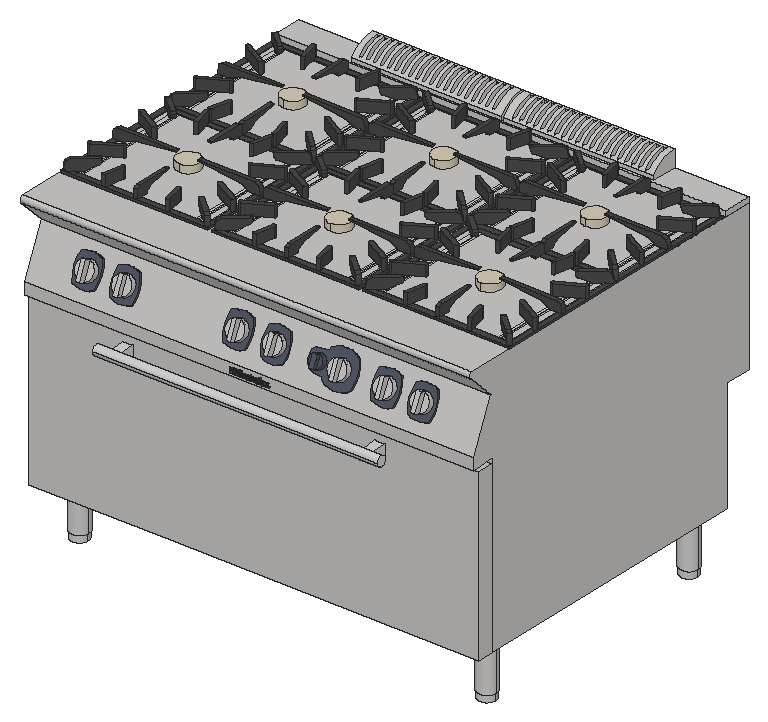
Revit family "QF_ELECTROLUXPROFESSIONAL_391463_E9AANABJMIE", category Attrezzature speciali, Revit 2018 (continued)
Automatic sketch dimensions
  Extrusion 7 sketch curve to Extrusion 7 sketch curve = 1.139 mm
  Extrusion 7 sketch curve to Extrusion 7 sketch curve = 3.102 mm
  Extrusion 7 sketch curve to Extrusion 7 sketch curve = 4.032 mm
  Extrusion 7 sketch curve to Extrusion 7 sketch curve = 0.404 mm
  Extrusion 7 sketch curve to Extrusion 7 sketch curve = 5.898 mm
  plane 11 to Extrusion 7 sketch curve = 8.549 mm
  Extrusion 7 sketch curve to plane 11 = 30 mm
  Extrusion 7 sketch curve to plane 10 = 298.908 mm
  Extrusion 7 sketch curve to Extrusion 7 sketch curve = 3.343 mm
  Extrusion 7 sketch curve to Extrusion 7 sketch curve = 2.066 mm
  Extrusion 7 sketch curve to Extrusion 7 sketch curve = 5.312 mm
  Extrusion 7 sketch curve to Extrusion 7 sketch curve = 28.009 mm
  plane 11 to Extrusion 8 sketch curve = 22.852 mm
  Extrusion 8 sketch curve to Extrusion 8 sketch curve = 0 mm  (x2)
  Extrusion 8 sketch curve to Extrusion 8 sketch curve = 1.139 mm
  Extrusion 8 sketch curve to Extrusion 8 sketch curve = 3.102 mm
  Extrusion 8 sketch curve to Extrusion 8 sketch curve = 4.032 mm
  Extrusion 8 sketch curve to Extrusion 8 sketch curve = 0.404 mm
  Extrusion 8 sketch curve to Extrusion 8 sketch curve = 5.898 mm
  plane 11 to Extrusion 8 sketch curve = 8.549 mm
  Extrusion 8 sketch curve to plane 11 = 30 mm
  Extrusion 8 sketch curve to plane 10 = 270.899 mm
  Extrusion 8 sketch curve to Extrusion 8 sketch curve = 2.705 mm
  Extrusion 8 sketch curve to Extrusion 8 sketch curve = 5.987 mm
  Extrusion 8 sketch curve to Extrusion 8 sketch curve = 5.312 mm
  Extrusion 8 sketch curve to Extrusion 8 sketch curve = 28.009 mm
  plane 11 to Extrusion 9 sketch curve = 19.749 mm
  Extrusion 9 sketch curve to plane 10 = 279.591 mm
  Extrusion 10 sketch curve to plane 18 = 228.904 mm
  Extrusion 10 sketch curve to Extrusion 10 sketch curve = 0 mm
  Extrusion 10 sketch curve to Extrusion 10 sketch curve = 12.3 mm  (x3)
  Extrusion 10 sketch curve to Extrusion 10 sketch curve = 34.925 mm  (x2)
  Extrusion 10 sketch curve to Extrusion 10 sketch curve = 46.691 mm
  Extrusion 10 sketch curve to Extrusion 10 sketch curve = 0.617 mm
  Extrusion 10 sketch curve to Extrusion 10 sketch curve = 28.57 mm
  Extrusion 10 sketch curve to Extrusion 10 sketch curve = 29.185 mm
  Extrusion 12 sketch curve to Extrusion 12 sketch curve = 24.732 mm
  Extrusion 12 sketch curve to Extrusion 12 sketch curve = 0 mm
  Extrusion 13 sketch curve to Extrusion 13 sketch curve = 0 mm  (x2)
  plane 7 "Center Y" to Extrusion 13 sketch curve = 190.859 mm
  Extrusion 13 sketch curve to Extrusion 13 sketch curve = 112.63 mm
  Extrusion 13 sketch curve to Extrusion 13 sketch curve = 1.398 mm
  Extrusion 13 sketch curve to Extrusion 13 sketch curve = 5.918 mm
  Extrusion 13 sketch curve to Extrusion 13 sketch curve = 7.825 mm
  Extrusion 13 sketch curve to Extrusion 13 sketch curve = 12.433 mm
  Extrusion 13 sketch curve to Extrusion 13 sketch curve = 33.329 mm
  Extrusion 13 sketch curve to Extrusion 13 sketch curve = 28.808 mm
  Extrusion 13 sketch curve to Extrusion 13 sketch curve = 2.986 mm
  Extrusion 13 sketch curve to Extrusion 13 sketch curve = 35.441 mm
  Extrusion 13 sketch curve to Extrusion 13 sketch curve = 23.969 mm
  Extrusion 13 sketch curve to Extrusion 13 sketch curve = 31.993 mm
  Extrusion 13 sketch curve to Extrusion 13 sketch curve = 0.131 mm
  Extrusion 13 sketch curve to Extrusion 13 sketch curve = 36.738 mm
  Extrusion 13 sketch curve to Extrusion 13 sketch curve = 6.105 mm
  Extrusion 13 sketch curve to Extrusion 13 sketch curve = 30.968 mm
  Extrusion 13 sketch curve to Extrusion 13 sketch curve = 0.002 mm
  Extrusion 13 sketch curve to Extrusion 13 sketch curve = 38.412 mm
  Extrusion 13 sketch curve to Extrusion 13 sketch curve = 39.831 mm
  Extrusion 13 sketch curve to Extrusion 13 sketch curve = 6.427 mm
  Extrusion 13 sketch curve to Extrusion 13 sketch curve = 11.842 mm
  Extrusion 15 sketch curve to Extrusion 15 sketch curve = 24.732 mm
  Extrusion 15 sketch curve to Extrusion 15 sketch curve = 0 mm
  Extrusion 17 sketch curve to Extrusion 17 sketch curve = 0 mm
  Extrusion 17 sketch curve to Extrusion 17 sketch curve = 7.232 mm  (x3)
  Extrusion 17 sketch curve to Extrusion 17 sketch curve = 17.5 mm
  Extrusion 17 sketch curve to Extrusion 17 sketch curve = 5.786 mm
  Extrusion 18 sketch curve to plane 17 = 61.596 mm
  Extrusion 18 sketch curve to Extrusion 18 sketch curve = 0 mm
  Extrusion 18 sketch curve to Extrusion 18 sketch curve = 12.3 mm  (x3)
  Extrusion 18 sketch curve to Extrusion 18 sketch curve = 34.925 mm  (x2)
  Extrusion 18 sketch curve to plane 17 = 35.869 mm
  Extrusion 18 sketch curve to Extrusion 18 sketch curve = 46.691 mm
  Extrusion 18 sketch curve to Extrusion 18 sketch curve = 26.344 mm
  Extrusion 18 sketch curve to Extrusion 18 sketch curve = 28.57 mm
  Extrusion 20 sketch curve to Extrusion 20 sketch curve = 24.732 mm
  Extrusion 20 sketch curve to Extrusion 20 sketch curve = 0 mm
  Extrusion 21 sketch curve to plane 17 = 161.596 mm
  Extrusion 21 sketch curve to Extrusion 21 sketch curve = 0 mm
  Extrusion 21 sketch curve to Extrusion 21 sketch curve = 12.3 mm  (x3)
  Extrusion 21 sketch curve to Extrusion 21 sketch curve = 34.925 mm  (x2)
  Extrusion 21 sketch curve to Extrusion 21 sketch curve = 46.691 mm
  Extrusion 21 sketch curve to Extrusion 21 sketch curve = 0.617 mm
  Extrusion 21 sketch curve to Extrusion 21 sketch curve = 28.57 mm
  Extrusion 21 sketch curve to Extrusion 21 sketch curve = 29.185 mm
  Extrusion 23 sketch curve to Extrusion 23 sketch curve = 24.732 mm
  Extrusion 23 sketch curve to Extrusion 23 sketch curve = 0 mm
  Extrusion 24 sketch curve to plane 1 "BACK" = 0 mm
  Extrusion 24 sketch curve to plane 6 "TOP" = 0 mm
  plane 1 "BACK" to Extrusion 24 sketch curve = 1.769 mm
  plane 10 to Extrusion 24 sketch curve = 23.813 mm
  plane 1 "BACK" to Extrusion 24 sketch curve = 69.85 mm
  plane 10 to Extrusion 24 sketch curve = 14.288 mm
  Extrusion 25 sketch curve to plane 18 = 131.404 mm
  Extrusion 25 sketch curve to Extrusion 25 sketch curve = 0 mm
  Extrusion 25 sketch curve to Extrusion 25 sketch curve = 12.3 mm  (x3)
  Extrusion 25 sketch curve to Extrusion 25 sketch curve = 34.925 mm  (x2)
  Extrusion 25 sketch curve to Extrusion 25 sketch curve = 46.691 mm
  Extrusion 25 sketch curve to Extrusion 25 sketch curve = 0.617 mm
  Extrusion 25 sketch curve to Extrusion 25 sketch curve = 28.57 mm
  Extrusion 25 sketch curve to Extrusion 25 sketch curve = 29.185 mm
  Extrusion 27 sketch curve to Extrusion 27 sketch curve = 24.732 mm
  Extrusion 27 sketch curve to Extrusion 27 sketch curve = 0 mm
  Extrusion 28 sketch curve to plane 7 "Center Y" = 79.904 mm
  Extrusion 28 sketch curve to plane 7 "Center Y" = 21.528 mm
  Extrusion 28 sketch curve to Extrusion 28 sketch curve = 0 mm
  Extrusion 28 sketch curve to Extrusion 28 sketch curve = 12.3 mm  (x3)
  plane 7 "Center Y" to Extrusion 28 sketch curve = 3.586 mm
  Extrusion 28 sketch curve to Extrusion 28 sketch curve = 34.925 mm  (x2)
  Extrusion 28 sketch curve to Extrusion 28 sketch curve = 46.691 mm
  Extrusion 28 sketch curve to plane 7 "Center Y" = 22.141 mm
  Extrusion 30 sketch curve to Extrusion 30 sketch curve = 24.732 mm
  Extrusion 30 sketch curve to Extrusion 30 sketch curve = 0 mm
  plane 7 "Center Y" to Extrusion 31 sketch curve = 20.096 mm
  Extrusion 31 sketch curve to Extrusion 31 sketch curve = 0 mm
  Extrusion 31 sketch curve to Extrusion 31 sketch curve = 12.3 mm  (x3)
  Extrusion 31 sketch curve to Extrusion 31 sketch curve = 34.925 mm  (x2)
  Extrusion 31 sketch curve to plane 7 "Center Y" = 5.631 mm
  Extrusion 31 sketch curve to Extrusion 31 sketch curve = 46.691 mm
  plane 7 "Center Y" to Extrusion 31 sketch curve = 20.714 mm
  Extrusion 31 sketch curve to Extrusion 31 sketch curve = 25.114 mm
  Extrusion 33 sketch curve to Extrusion 33 sketch curve = 24.732 mm
  Extrusion 33 sketch curve to Extrusion 33 sketch curve = 0 mm
  plane 7 "Center Y" to Extrusion 34 sketch curve = 21.292 mm
  Extrusion 34 sketch curve to plane 10 = 237.967 mm
  Extrusion 34 sketch curve to plane 7 "Center Y" = 13.807 mm
  Extrusion 34 sketch curve to Extrusion 34 sketch curve = 5.041 mm
  plane 7 "Center Y" to Extrusion 34 sketch curve = 5.969 mm
  Extrusion 34 sketch curve to Extrusion 34 sketch curve = 5.06 mm
  Extrusion 34 sketch curve to Extrusion 34 sketch curve = 0 mm  (x27)
  Extrusion 34 sketch curve to Extrusion 34 sketch curve = 5.108 mm  (x2)
  Extrusion 34 sketch curve to Extrusion 34 sketch curve = 0.054 mm
  Extrusion 34 sketch curve to Extrusion 34 sketch curve = 0.218 mm
  Extrusion 34 sketch curve to Extrusion 34 sketch curve = 0.195 mm
  Extrusion 34 sketch curve to Extrusion 34 sketch curve = 0.249 mm
  Extrusion 34 sketch curve to Extrusion 34 sketch curve = 0.316 mm
  Extrusion 34 sketch curve to Extrusion 34 sketch curve = 0.087 mm
  Extrusion 34 sketch curve to Extrusion 34 sketch curve = 0.358 mm
  Extrusion 34 sketch curve to Extrusion 34 sketch curve = 0.481 mm
  Extrusion 34 sketch curve to Extrusion 34 sketch curve = 0.597 mm
  Extrusion 34 sketch curve to Extrusion 34 sketch curve = 0.544 mm
  Extrusion 34 sketch curve to Extrusion 34 sketch curve = 0.936 mm
  Extrusion 34 sketch curve to Extrusion 34 sketch curve = 0.594 mm
  Extrusion 34 sketch curve to Extrusion 34 sketch curve = 0.343 mm
  Extrusion 34 sketch curve to Extrusion 34 sketch curve = 0.159 mm
  Extrusion 34 sketch curve to Extrusion 34 sketch curve = 0.826 mm
  Extrusion 34 sketch curve to Extrusion 34 sketch curve = 0.839 mm
  Extrusion 34 sketch curve to Extrusion 34 sketch curve = 0.852 mm
  Extrusion 34 sketch curve to Extrusion 34 sketch curve = 0.887 mm
  Extrusion 34 sketch curve to Extrusion 34 sketch curve = 0.928 mm
  Extrusion 34 sketch curve to Extrusion 34 sketch curve = 0.938 mm
  Extrusion 34 sketch curve to Extrusion 34 sketch curve = 0.444 mm
  Extrusion 34 sketch curve to Extrusion 34 sketch curve = 1.11 mm  (x3)
  plane 7 "Center Y" to Extrusion 34 sketch curve = 43.726 mm
  Extrusion 34 sketch curve to Extrusion 34 sketch curve = 0.215 mm
  plane 7 "Center Y" to Extrusion 34 sketch curve = 0.332 mm
  Extrusion 34 sketch curve to Extrusion 34 sketch curve = 1.43 mm
  Extrusion 34 sketch curve to Extrusion 34 sketch curve = 1.188 mm
  Extrusion 34 sketch curve to Extrusion 34 sketch curve = 1.21 mm  (x2)
  Extrusion 34 sketch curve to Extrusion 34 sketch curve = 0.503 mm
  plane 7 "Center Y" to Extrusion 34 sketch curve = 48.995 mm
  Extrusion 34 sketch curve to Extrusion 34 sketch curve = 0.488 mm
  plane 7 "Center Y" to Extrusion 34 sketch curve = 52.922 mm
  Extrusion 34 sketch curve to Extrusion 34 sketch curve = 0.462 mm
  Extrusion 34 sketch curve to Extrusion 34 sketch curve = 1.386 mm
  Extrusion 34 sketch curve to Extrusion 34 sketch curve = 1.742 mm
  Extrusion 34 sketch curve to Extrusion 34 sketch curve = 0.821 mm
  Extrusion 34 sketch curve to Extrusion 34 sketch curve = 0.497 mm
  Extrusion 34 sketch curve to Extrusion 34 sketch curve = 0.539 mm
  Extrusion 34 sketch curve to Extrusion 34 sketch curve = 0.686 mm
  Extrusion 34 sketch curve to plane 7 "Center Y" = 0.042 mm
  Extrusion 34 sketch curve to Extrusion 34 sketch curve = 0.408 mm
  Extrusion 34 sketch curve to Extrusion 34 sketch curve = 0.743 mm
  Extrusion 34 sketch curve to Extrusion 34 sketch curve = 1.16 mm
  Extrusion 34 sketch curve to Extrusion 34 sketch curve = 0.329 mm
  Extrusion 34 sketch curve to Extrusion 34 sketch curve = 1.054 mm
  Extrusion 34 sketch curve to Extrusion 34 sketch curve = 1.056 mm
  Extrusion 34 sketch curve to Extrusion 34 sketch curve = 0.129 mm
  Extrusion 34 sketch curve to Extrusion 34 sketch curve = 0.489 mm
  Extrusion 34 sketch curve to plane 7 "Center Y" = 0.376 mm
  Extrusion 34 sketch curve to Extrusion 34 sketch curve = 0.441 mm
  Extrusion 34 sketch curve to Extrusion 34 sketch curve = 1.151 mm
  Extrusion 34 sketch curve to Extrusion 34 sketch curve = 1.141 mm  (x2)
  Extrusion 34 sketch curve to Extrusion 34 sketch curve = 0.768 mm
  Extrusion 34 sketch curve to Extrusion 34 sketch curve = 1.653 mm
  Extrusion 34 sketch curve to Extrusion 34 sketch curve = 0.499 mm
  Extrusion 34 sketch curve to Extrusion 34 sketch curve = 0.964 mm
  Extrusion 34 sketch curve to Extrusion 34 sketch curve = 0.949 mm
  Extrusion 34 sketch curve to Extrusion 34 sketch curve = 1.345 mm  (x3)
  Extrusion 34 sketch curve to Extrusion 34 sketch curve = 1.101 mm
  Extrusion 34 sketch curve to Extrusion 34 sketch curve = 0.432 mm
  Extrusion 34 sketch curve to Extrusion 34 sketch curve = 1.142 mm
  Extrusion 34 sketch curve to Extrusion 34 sketch curve = 0.959 mm
  Extrusion 34 sketch curve to Extrusion 34 sketch curve = 0.176 mm
  Extrusion 34 sketch curve to Extrusion 34 sketch curve = 0.728 mm
  Extrusion 34 sketch curve to Extrusion 34 sketch curve = 3.375 mm  (x2)
  Extrusion 34 sketch curve to Extrusion 34 sketch curve = 0.541 mm
  Extrusion 34 sketch curve to Extrusion 34 sketch curve = 0.955 mm
  Extrusion 34 sketch curve to Extrusion 34 sketch curve = 1.251 mm
  Extrusion 34 sketch curve to Extrusion 34 sketch curve = 0.572 mm
  plane 7 "Center Y" to Extrusion 34 sketch curve = 47.619 mm
  Extrusion 34 sketch curve to Extrusion 34 sketch curve = 1.92 mm
  Extrusion 34 sketch curve to Extrusion 34 sketch curve = 1.224 mm
  Extrusion 34 sketch curve to Extrusion 34 sketch curve = 0.745 mm
  Extrusion 34 sketch curve to Extrusion 34 sketch curve = 0.036 mm
  Extrusion 34 sketch curve to Extrusion 34 sketch curve = 0.896 mm  (x3)
  Extrusion 34 sketch curve to Extrusion 34 sketch curve = 2.607 mm
  Extrusion 34 sketch curve to Extrusion 34 sketch curve = 0.066 mm
  Extrusion 34 sketch curve to Extrusion 34 sketch curve = 0.248 mm
  Extrusion 34 sketch curve to Extrusion 34 sketch curve = 0.449 mm
  plane 7 "Center Y" to Extrusion 34 sketch curve = 46.838 mm
  Extrusion 34 sketch curve to Extrusion 34 sketch curve = 1.052 mm
  Extrusion 34 sketch curve to Extrusion 34 sketch curve = 1.863 mm
  Extrusion 34 sketch curve to Extrusion 34 sketch curve = 1.31 mm  (x2)
  Extrusion 34 sketch curve to Extrusion 34 sketch curve = 0.901 mm
  Extrusion 34 sketch curve to Extrusion 34 sketch curve = 1.107 mm
  Extrusion 34 sketch curve to Extrusion 34 sketch curve = 2.122 mm
  Extrusion 34 sketch curve to Extrusion 34 sketch curve = 2.101 mm
  Extrusion 34 sketch curve to Extrusion 34 sketch curve = 0.106 mm
  Extrusion 34 sketch curve to Extrusion 34 sketch curve = 0.029 mm
  plane 7 "Center Y" to Extrusion 34 sketch curve = 49.641 mm
  Extrusion 34 sketch curve to Extrusion 34 sketch curve = 2.09 mm
  Extrusion 34 sketch curve to Extrusion 34 sketch curve = 1.279 mm
  Extrusion 34 sketch curve to Extrusion 34 sketch curve = 2.008 mm
  Extrusion 34 sketch curve to Extrusion 34 sketch curve = 0.738 mm
  Extrusion 34 sketch curve to Extrusion 34 sketch curve = 0.382 mm
  Extrusion 34 sketch curve to Extrusion 34 sketch curve = 0.384 mm
  Extrusion 34 sketch curve to Extrusion 34 sketch curve = 0.002 mm
  Extrusion 34 sketch curve to Extrusion 34 sketch curve = 0.561 mm
  Extrusion 34 sketch curve to Extrusion 34 sketch curve = 0.592 mm
  Extrusion 34 sketch curve to Extrusion 34 sketch curve = 2.692 mm
  Extrusion 34 sketch curve to Extrusion 34 sketch curve = 1.259 mm
  plane 7 "Center Y" to Extrusion 34 sketch curve = 48.858 mm
  Extrusion 34 sketch curve to Extrusion 34 sketch curve = 0.802 mm
  Extrusion 34 sketch curve to Extrusion 34 sketch curve = 1.024 mm
  Extrusion 34 sketch curve to Extrusion 34 sketch curve = 0.682 mm
  Extrusion 34 sketch curve to Extrusion 34 sketch curve = 5.934 mm
  Extrusion 34 sketch curve to Extrusion 34 sketch curve = 2.186 mm
  Extrusion 34 sketch curve to Extrusion 34 sketch curve = 0.337 mm
  Extrusion 34 sketch curve to Extrusion 34 sketch curve = 0.021 mm
  Extrusion 34 sketch curve to Extrusion 34 sketch curve = 1.005 mm
  Extrusion 34 sketch curve to Extrusion 34 sketch curve = 0.552 mm
  Extrusion 34 sketch curve to Extrusion 34 sketch curve = 0.778 mm
  Extrusion 34 sketch curve to Extrusion 34 sketch curve = 0.063 mm
  Extrusion 34 sketch curve to Extrusion 34 sketch curve = 1.023 mm
  Extrusion 34 sketch curve to Extrusion 34 sketch curve = 3.804 mm
  Extrusion 34 sketch curve to Extrusion 34 sketch curve = 0.486 mm
  Extrusion 34 sketch curve to Extrusion 34 sketch curve = 0.266 mm
  Extrusion 34 sketch curve to plane 7 "Center Y" = 0.787 mm
  Extrusion 34 sketch curve to Extrusion 34 sketch curve = 1.547 mm
  Extrusion 34 sketch curve to Extrusion 34 sketch curve = 0.717 mm  (x2)
  Extrusion 34 sketch curve to Extrusion 34 sketch curve = 1.667 mm
  plane 7 "Center Y" to Extrusion 34 sketch curve = 44.532 mm
  Extrusion 34 sketch curve to Extrusion 34 sketch curve = 3.174 mm
  plane 7 "Center Y" to Extrusion 34 sketch curve = 0.368 mm
  Extrusion 34 sketch curve to Extrusion 34 sketch curve = 0.388 mm
  Extrusion 34 sketch curve to Extrusion 34 sketch curve = 1.342 mm
  plane 7 "Center Y" to Extrusion 34 sketch curve = 50.135 mm
  Extrusion 34 sketch curve to Extrusion 34 sketch curve = 1.521 mm
  plane 7 "Center Y" to Extrusion 34 sketch curve = 51.694 mm
  Extrusion 34 sketch curve to Extrusion 34 sketch curve = 0.124 mm
  Extrusion 34 sketch curve to Extrusion 34 sketch curve = 0.291 mm
  plane 7 "Center Y" to Extrusion 34 sketch curve = 7.285 mm
  Extrusion 34 sketch curve to Extrusion 34 sketch curve = 1.049 mm  (x2)
  plane 7 "Center Y" to Extrusion 34 sketch curve = 47.668 mm
  Extrusion 34 sketch curve to Extrusion 34 sketch curve = 1.7 mm
  Extrusion 34 sketch curve to Extrusion 34 sketch curve = 0.894 mm
  Extrusion 34 sketch curve to Extrusion 34 sketch curve = 0.989 mm
  Extrusion 34 sketch curve to Extrusion 34 sketch curve = 1.168 mm
  Extrusion 34 sketch curve to Extrusion 34 sketch curve = 1.594 mm
  Extrusion 34 sketch curve to Extrusion 34 sketch curve = 0.731 mm
  Extrusion 34 sketch curve to Extrusion 34 sketch curve = 1.566 mm
  Extrusion 34 sketch curve to Extrusion 34 sketch curve = 0.064 mm
  plane 7 "Center Y" to Extrusion 34 sketch curve = 7.842 mm
  Extrusion 34 sketch curve to Extrusion 34 sketch curve = 0.556 mm
  Extrusion 34 sketch curve to Extrusion 34 sketch curve = 0.48 mm
  Extrusion 34 sketch curve to Extrusion 34 sketch curve = 0.228 mm
  Extrusion 34 sketch curve to Extrusion 34 sketch curve = 1.018 mm
  plane 7 "Center Y" to Extrusion 34 sketch curve = 37.429 mm
  Extrusion 34 sketch curve to Extrusion 34 sketch curve = 0.787 mm
  Extrusion 34 sketch curve to Extrusion 34 sketch curve = 0.618 mm
  plane 7 "Center Y" to Extrusion 34 sketch curve = 42.486 mm
  Extrusion 34 sketch curve to Extrusion 34 sketch curve = 1.672 mm
  plane 7 "Center Y" to Extrusion 34 sketch curve = 53.436 mm
  Extrusion 34 sketch curve to Extrusion 34 sketch curve = 1.361 mm
  Extrusion 34 sketch curve to Extrusion 34 sketch curve = 0.822 mm
  Extrusion 34 sketch curve to Extrusion 34 sketch curve = 0.069 mm
  Extrusion 34 sketch curve to Extrusion 34 sketch curve = 1.88 mm
  plane 7 "Center Y" to Extrusion 34 sketch curve = 35.269 mm
  Extrusion 34 sketch curve to Extrusion 34 sketch curve = 0.42 mm
  Extrusion 34 sketch curve to Extrusion 34 sketch curve = 0.062 mm
  Extrusion 34 sketch curve to Extrusion 34 sketch curve = 1.355 mm
  Extrusion 34 sketch curve to Extrusion 34 sketch curve = 2.34 mm
  Extrusion 34 sketch curve to Extrusion 34 sketch curve = 0.493 mm
  Extrusion 34 sketch curve to Extrusion 34 sketch curve = 0.136 mm
  Extrusion 34 sketch curve to Extrusion 34 sketch curve = 0.128 mm
  Extrusion 34 sketch curve to Extrusion 34 sketch curve = 3.616 mm
  Extrusion 34 sketch curve to Extrusion 34 sketch curve = 4.207 mm
  Extrusion 34 sketch curve to Extrusion 34 sketch curve = 0.183 mm
  Extrusion 34 sketch curve to Extrusion 34 sketch curve = 0.895 mm
  Extrusion 34 sketch curve to Extrusion 34 sketch curve = 1.314 mm
  Extrusion 34 sketch curve to Extrusion 34 sketch curve = 3.231 mm
  Extrusion 34 sketch curve to plane 7 "Center Y" = 23.526 mm
  Extrusion 34 sketch curve to Extrusion 34 sketch curve = 1.299 mm
  Extrusion 34 sketch curve to Extrusion 34 sketch curve = 1.214 mm
  plane 7 "Center Y" to Extrusion 34 sketch curve = 26.369 mm
  Extrusion 34 sketch curve to Extrusion 34 sketch curve = 1.264 mm
  Extrusion 34 sketch curve to Extrusion 34 sketch curve = 0.109 mm
  Extrusion 34 sketch curve to Extrusion 34 sketch curve = 0.357 mm
  Extrusion 34 sketch curve to Extrusion 34 sketch curve = 0.565 mm
  Extrusion 34 sketch curve to Extrusion 34 sketch curve = 2.504 mm
  Extrusion 34 sketch curve to Extrusion 34 sketch curve = 2.459 mm
  Extrusion 34 sketch curve to Extrusion 34 sketch curve = 0.983 mm
  Extrusion 34 sketch curve to Extrusion 34 sketch curve = 0.422 mm  (x2)
  Extrusion 34 sketch curve to Extrusion 34 sketch curve = 1.268 mm
  Extrusion 34 sketch curve to Extrusion 34 sketch curve = 0.671 mm
  Extrusion 34 sketch curve to Extrusion 34 sketch curve = 1.634 mm
  Extrusion 34 sketch curve to Extrusion 34 sketch curve = 0.132 mm
  Extrusion 34 sketch curve to Extrusion 34 sketch curve = 0.586 mm
  Extrusion 34 sketch curve to Extrusion 34 sketch curve = 1.241 mm
  Extrusion 34 sketch curve to Extrusion 34 sketch curve = 1.689 mm
  Extrusion 34 sketch curve to Extrusion 34 sketch curve = 0.627 mm
  Extrusion 34 sketch curve to Extrusion 34 sketch curve = 0.419 mm
  Extrusion 34 sketch curve to Extrusion 34 sketch curve = 1.514 mm
  Extrusion 34 sketch curve to Extrusion 34 sketch curve = 1.019 mm
  Extrusion 34 sketch curve to Extrusion 34 sketch curve = 0.065 mm
  Extrusion 34 sketch curve to Extrusion 34 sketch curve = 1.215 mm
  Extrusion 34 sketch curve to Extrusion 34 sketch curve = 1.122 mm
  Extrusion 34 sketch curve to Extrusion 34 sketch curve = 1.153 mm
  Extrusion 34 sketch curve to Extrusion 34 sketch curve = 1.223 mm
  Extrusion 34 sketch curve to Extrusion 34 sketch curve = 0.934 mm
  Extrusion 34 sketch curve to Extrusion 34 sketch curve = 3.376 mm
  Extrusion 34 sketch curve to Extrusion 34 sketch curve = 0.222 mm
  Extrusion 34 sketch curve to Extrusion 34 sketch curve = 1.383 mm
  Extrusion 34 sketch curve to Extrusion 34 sketch curve = 1.556 mm
  Extrusion 34 sketch curve to Extrusion 34 sketch curve = 2.559 mm
  Extrusion 34 sketch curve to Extrusion 34 sketch curve = 2.51 mm
  Extrusion 34 sketch curve to Extrusion 34 sketch curve = 0.131 mm
  Extrusion 34 sketch curve to Extrusion 34 sketch curve = 1.134 mm
  Extrusion 34 sketch curve to Extrusion 34 sketch curve = 0.094 mm
  Extrusion 34 sketch curve to Extrusion 34 sketch curve = 1.584 mm
  Extrusion 34 sketch curve to Extrusion 34 sketch curve = 0.27 mm
  Extrusion 34 sketch curve to Extrusion 34 sketch curve = 0.916 mm
  Extrusion 34 sketch curve to Extrusion 34 sketch curve = 0.352 mm
  Extrusion 34 sketch curve to Extrusion 34 sketch curve = 0.458 mm
  Extrusion 34 sketch curve to Extrusion 34 sketch curve = 1.282 mm
  Extrusion 34 sketch curve to Extrusion 34 sketch curve = 1.363 mm
  Extrusion 34 sketch curve to Extrusion 34 sketch curve = 0.685 mm
  Extrusion 34 sketch curve to Extrusion 34 sketch curve = 0.905 mm
  Extrusion 34 sketch curve to Extrusion 34 sketch curve = 1.477 mm
  Extrusion 34 sketch curve to Extrusion 34 sketch curve = 0.472 mm
  Extrusion 34 sketch curve to Extrusion 34 sketch curve = 0.101 mm
  Extrusion 34 sketch curve to Extrusion 34 sketch curve = 0.54 mm
  Extrusion 34 sketch curve to Extrusion 34 sketch curve = 0.02 mm
  Extrusion 34 sketch curve to Extrusion 34 sketch curve = 0.829 mm
  Extrusion 34 sketch curve to Extrusion 34 sketch curve = 0.582 mm
  Extrusion 34 sketch curve to Extrusion 34 sketch curve = 0.166 mm
  Extrusion 34 sketch curve to Extrusion 34 sketch curve = 0.16 mm
  Extrusion 34 sketch curve to Extrusion 34 sketch curve = 1.118 mm
  Extrusion 34 sketch curve to Extrusion 34 sketch curve = 0.613 mm
  Extrusion 34 sketch curve to Extrusion 34 sketch curve = 0.781 mm
  Extrusion 34 sketch curve to Extrusion 34 sketch curve = 0.361 mm
  Extrusion 34 sketch curve to Extrusion 34 sketch curve = 0.897 mm
  Extrusion 34 sketch curve to Extrusion 34 sketch curve = 0.167 mm
  Extrusion 34 sketch curve to Extrusion 34 sketch curve = 0.292 mm
  Extrusion 34 sketch curve to Extrusion 34 sketch curve = 0.305 mm
  Extrusion 34 sketch curve to Extrusion 34 sketch curve = 1.557 mm
  Extrusion 34 sketch curve to Extrusion 34 sketch curve = 2.499 mm
  Extrusion 34 sketch curve to Extrusion 34 sketch curve = 3.062 mm
  Extrusion 34 sketch curve to Extrusion 34 sketch curve = 2.968 mm
  Extrusion 34 sketch curve to Extrusion 34 sketch curve = 5.044 mm
  Extrusion 34 sketch curve to Extrusion 34 sketch curve = 0.629 mm  (x2)
  Extrusion 34 sketch curve to Extrusion 34 sketch curve = 1.131 mm
  Extrusion 34 sketch curve to Extrusion 34 sketch curve = 0.137 mm
  Extrusion 34 sketch curve to Extrusion 34 sketch curve = 0.027 mm
  Extrusion 34 sketch curve to Extrusion 34 sketch curve = 2.046 mm
  Extrusion 34 sketch curve to Extrusion 34 sketch curve = 2.235 mm
  Revolve 35 sketch curve to plane 9 "Base" = 0 mm  (x2)
  Revolve 35 sketch curve to level = 0 mm
  Revolve 35 sketch curve to plane 18 = 0 mm  (x2)
  Revolve 35 sketch curve to Revolve 35 sketch curve = 22.9 mm
  Revolve 35 sketch curve to Revolve 35 sketch curve = 2.5 mm
  plane 9 "Base" to Revolve 35 sketch curve = 20 mm
  level to Revolve 35 sketch curve = 19.05 mm
  Revolve 36 sketch curve to plane 9 "Base" = 0 mm  (x2)
  Revolve 36 sketch curve to level = 0 mm
  Revolve 36 sketch curve to plane 18 = 0 mm  (x2)
  Revolve 36 sketch curve to Revolve 36 sketch curve = 22.9 mm
  Revolve 36 sketch curve to Revolve 36 sketch curve = 2.5 mm
  plane 9 "Base" to Revolve 36 sketch curve = 20 mm
  level to Revolve 36 sketch curve = 19.05 mm
  Extrusion 37 sketch curve to Extrusion 1 = 43 mm
  Extrusion 37 sketch curve to Extrusion 1 = 276.222 mm
  plane 1 "BACK" to Extrusion 38 sketch curve = 63.911 mm  (x2)
  Extrusion 38 sketch curve to plane 18 = 156.447 mm
  Extrusion 38 sketch curve to Extrusion 38 sketch curve = 9.296 mm  (x20)
  Extrusion 38 sketch curve to Extrusion 38 sketch curve = 9.397 mm  (x19)
  Extrusion 38 sketch curve to Extrusion 38 sketch curve = 0 mm  (x18)
  plane 1 "BACK" to Extrusion 38 sketch curve = 6.761 mm  (x20)
  Revolve 39 sketch curve to plane 9 "Base" = 0 mm  (x2)
  Revolve 39 sketch curve to level = 0 mm
  plane 17 to Revolve 39 sketch curve = 0 mm  (x2)
  plane 17 to Revolve 39 sketch curve = 22.9 mm
  Revolve 39 sketch curve to Revolve 39 sketch curve = 2.5 mm
  level to Revolve 39 sketch curve = 19.05 mm
  plane 9 "Base" to Revolve 39 sketch curve = 20 mm
  Revolve 40 sketch curve to plane 9 "Base" = 0 mm  (x2)
  Revolve 40 sketch curve to level = 0 mm
  plane 17 to Revolve 40 sketch curve = 0 mm  (x2)
  plane 17 to Revolve 40 sketch curve = 22.9 mm
  Revolve 40 sketch curve to Revolve 40 sketch curve = 2.5 mm
  level to Revolve 40 sketch curve = 19.05 mm
  plane 9 "Base" to Revolve 40 sketch curve = 20 mm
  Extrusion 41 sketch curve to plane 1 "BACK" = 0 mm
  Extrusion 41 sketch curve to plane 6 "TOP" = 0 mm
  plane 1 "BACK" to Extrusion 41 sketch curve = 1.769 mm
  plane 10 to Extrusion 41 sketch curve = 23.813 mm
  plane 1 "BACK" to Extrusion 41 sketch curve = 69.85 mm
  plane 10 to Extrusion 41 sketch curve = 14.288 mm
  plane 1 "BACK" to Extrusion 42 sketch curve = 63.911 mm  (x2)
  Extrusion 42 sketch curve to plane 17 = 156.447 mm
  Extrusion 42 sketch curve to Extrusion 42 sketch curve = 9.296 mm  (x20)
  Extrusion 42 sketch curve to Extrusion 42 sketch curve = 9.397 mm  (x19)
  Extrusion 42 sketch curve to Extrusion 42 sketch curve = 0 mm  (x18)
  plane 1 "BACK" to Extrusion 42 sketch curve = 6.761 mm  (x20)
  radius of Extrusion 4 sketch curve = 6.4 mm
  radius of Extrusion 9 sketch curve = 12.7 mm
  radius of Extrusion 11 sketch curve = 25.4 mm
  radius of Extrusion 12 sketch curve to Extrusion 11 = 0 mm  (x2)
  radius of Extrusion 14 sketch curve = 25.4 mm
  radius of Extrusion 15 sketch curve to Extrusion 14 = 0 mm  (x2)
  radius of Extrusion 16 sketch curve = 18.37 mm
  radius of Extrusion 19 sketch curve = 25.4 mm
  radius of Extrusion 20 sketch curve to Extrusion 19 = 0 mm  (x2)
  radius of Extrusion 22 sketch curve = 25.4 mm
  radius of Extrusion 23 sketch curve to Extrusion 22 = 0 mm  (x2)
  radius of Extrusion 26 sketch curve = 25.4 mm
  radius of Extrusion 27 sketch curve to Extrusion 26 = 0 mm  (x2)
  radius of Extrusion 29 sketch curve = 25.4 mm
  radius of Extrusion 30 sketch curve to Extrusion 29 = 0 mm  (x2)
  radius of Extrusion 32 sketch curve = 25.4 mm
  radius of Extrusion 33 sketch curve to Extrusion 32 = 0 mm  (x2)
  radius of Extrusion 37 sketch curve = 12.7 mm
Nested families
  nested 1: "371009_BURNER" at (0, -440.6, 0), type "371009_BURNER"
    with Type Mark "", Status "", Specification by User "", Revision Code "", Item Number "", Installed By "", Identify Quantity as Lot yes, Furnished By "", Foodservice Equipment Identifier yes
  nested 2: "371009_BURNER" at (403.15, -440.6, 0), type "371009_BURNER"
    with Type Mark "", Status "", Specification by User "", Revision Code "", Item Number "", Installed By "", Identify Quantity as Lot yes, Furnished By "", Foodservice Equipment Identifier yes
  nested 3: "371009_BURNER" at (1200, -440.6, 0) x (-1, 0, 0) z (0, 0, 1), type "371009_BURNER"
    with Type Mark "", Status "", Specification by User "", Revision Code "", Item Number "", Installed By "", Identify Quantity as Lot yes, Furnished By "", Foodservice Equipment Identifier yes
  nested 4: "371009_BURNER" at (0, -440.6, 0), type "371009_BURNER"
    with Type Mark "", Status "", Specification by User "", Revision Code "", Item Number "", Installed By "", Identify Quantity as Lot yes, Furnished By "", Foodservice Equipment Identifier yes
  nested 5: "371009_BURNER" at (403.15, -440.6, 0), type "371009_BURNER"
    with Type Mark "", Status "", Specification by User "", Revision Code "", Item Number "", Installed By "", Identify Quantity as Lot yes, Furnished By "", Foodservice Equipment Identifier yes
  nested 6: "371009_BURNER" at (1200, -440.6, 0) x (-1, 0, 0) z (0, 0, 1), type "371009_BURNER"
    with Type Mark "", Status "", Specification by User "", Revision Code "", Item Number "", Installed By "", Identify Quantity as Lot yes, Furnished By "", Foodservice Equipment Identifier yes
Connectors
  piping at (1148, -666, 129), diameter 12.8
    settings: on Extrusion 4, index 1, connector inside diameter 0.50394", connector length 0 mm, flow factor 0, pipe flow 0 GPM, pressure drop 0.00 psi, fitting loss kfactor 0, connector angle 0.00°, fixture units 0, engagement length 0 mm, angle of deflection 0.00°, flow configuration 1, flow direction 1, fitting loss method 0, system type 16, joint type 0, gender type 0, connector reference index -1, connector utility 0, adjustable connector no, is connector primary yes, connector description "GAS CONNECTION"
Definition of nested family "371009_BURNER"
  Parameters
    Weight in Pounds = 0
    URL Cutsheet = ""
    URL = "www.electrolux.com"
    Type Mark [instance] = ""
    Status [instance] = ""
    Specification by User [instance] = ""
    Specification by Manufacturer = ""
    Show Clearance [instance] = yes
    Serial Number = ""
    Seismic Rating = ""
    SMACNA No = ""
    Revision Code [instance] = ""
    Omniclass Number and Title = ""
    NAFEM Spec ID Number = ""
    Model = "371009"
    Masterspec = ""
    Manufacturer = "ELECTROLUX"
    Item Number [instance] = ""
    Installed By [instance] = ""
    Identify Quantity as Lot [instance] = yes
    Furnished By [instance] = ""
    Foodservice Equipment Identifier [instance] = yes
    Description = ""
    CSI MasterFormat = ""
    CSI Master Format = ""
  Reference planes
    plane 1 "BACK": y = 0
    plane 2: z = 0
    plane 3 "LEFT": x = 0
    plane 4 "RIGHT": x = 393.7
    plane 5 "FRONT": y = -355.6
    plane 6 "TOP": z = 908.85
    plane 7 "Center Y": x = 196.85
    plane 8 "Center X": y = -177.8
    plane 9 "Base": z = 150
    plane 10: z = 850.85
  Forms (mm)
    Extrusion 1, solid
      sketch origin (-6.433, -404.961, 5) x (1, 0, 0) y (0, 0, -1)
        loop
          arc (7.142, -850.85) -> (6.739, -862.989) -> (9.761, -874.752) r 42.809
          line (9.761, -874.752) -> (19.961, -879.425) -> (173.122, -879.425)
          arc (173.122, -879.425) -> (174.316, -878.312) -> (173.289, -877.043) r 1.197
          line (173.289, -877.043) -> (64.848, -864.021)
          arc (64.848, -864.021) -> (50.111, -858.738) -> (36.589, -850.85) r 85.245
          line (36.589, -850.85) -> (7.142, -850.85)
        loop
          line (399.424, -850.85) -> (369.977, -850.85)
          arc (369.977, -850.85) -> (356.455, -858.738) -> (341.718, -864.021) r 85.245
          line (341.718, -864.021) -> (233.277, -877.043)
          arc (233.277, -877.043) -> (232.25, -878.312) -> (233.444, -879.425) r 1.197
          line (233.444, -879.425) -> (386.605, -879.425) -> (396.806, -874.752)
          arc (396.806, -874.752) -> (399.827, -862.989) -> (399.424, -850.85) r 42.809
      from 224.564 to 234.564
    Extrusion 2, solid
      sketch origin (196.85, 175.397, 1219.2) x (0, 1, 0) y (0, 0, 1)
        loop
          line (-204.463, -363.35) -> (-175.397, -363.35) -> (-175.397, -339.506)
          arc (-175.397, -339.506) -> (-181.025, -338.266) -> (-185.611, -334.775) r 13.39
          line (-185.611, -334.775) -> (-278.903, -334.775)
          arc (-278.903, -334.775) -> (-280.097, -335.888) -> (-279.07, -337.157) r 1.197
          line (-279.07, -337.157) -> (-227.151, -347.464)
          arc (-227.151, -347.464) -> (-213.741, -352.457) -> (-204.463, -363.35) r 28.426
        loop
          arc (-496.332, -363.35) -> (-487.053, -352.457) -> (-473.644, -347.464) r 28.426
          line (-473.644, -347.464) -> (-421.725, -337.157)
          arc (-421.725, -337.157) -> (-420.697, -335.888) -> (-421.891, -334.775) r 1.197
          line (-421.891, -334.775) -> (-515.184, -334.775)
          arc (-515.184, -334.775) -> (-519.769, -338.266) -> (-525.397, -339.506) r 13.39
          line (-525.397, -339.506) -> (-525.397, -363.35) -> (-496.332, -363.35)
      from -5 to 5
    Extrusion 3, solid
      sketch origin (-6.433, 367.064, 850.85) x (0, -1, 0) y (1, 0, 0)
        loop
          line (722.664, 6.433) -> (722.664, 400.133) -> (367.064, 400.133) -> (367.064, 6.433) -> (722.664, 6.433)
        loop
          line (382.064, 21.433) -> (707.664, 21.433) -> (707.664, 385.133) -> (382.064, 385.133) -> (382.064, 21.433)
      from 0 to 5
    Extrusion 4, solid
      sketch origin (-18.933, 367.064, 855.85) x (0, -1, 0) y (1, 0, 0)
        loop
          circle (541.667, 215.783) r 30
      from -1.321 to 17.134
    Extrusion 5, solid
      sketch origin (-6.433, -367.064, 0) x (1, 0, 0) y (0, 0, -1)
        loop
          line (21.433, -855.85) -> (36.589, -855.85)
          arc (36.589, -855.85) -> (40.561, -855.243) -> (44.305, -853.783) r 18.259
          arc (44.305, -853.783) -> (45.997, -853.366) -> (47.69, -853.783) r 3.649
          arc (47.69, -853.783) -> (49.901, -854.522) -> (52.232, -854.529) r 7.328
          line (52.232, -854.529) -> (354.334, -854.529)
          arc (354.334, -854.529) -> (356.666, -854.522) -> (358.877, -853.783) r 7.328
          arc (358.877, -853.783) -> (360.569, -853.366) -> (362.261, -853.783) r 3.649
          arc (362.261, -853.783) -> (366.005, -855.243) -> (369.977, -855.85) r 18.259
          line (369.977, -855.85) -> (385.133, -855.85) -> (385.133, -850.85) -> (21.433, -850.85) -> (21.433, -855.85)
      from 26.464 to 352.064
    Extrusion 6, solid
      sketch origin (83.284, -458.334, 5) x (0.742103, 0.670286, 0) y (0, 0, -1)
        loop
          arc (88.629, -864.012) -> (73.909, -858.731) -> (60.402, -850.85) r 85.245
          line (60.402, -850.85) -> (14.993, -850.85)
          arc (14.993, -850.85) -> (14.642, -862.948) -> (17.686, -874.663) r 42.876
          line (17.686, -874.663) -> (27.899, -879.425) -> (89.664, -879.425)
          arc (89.664, -879.425) -> (92.39, -878.352) -> (93.654, -875.709) r 4
          arc (93.654, -875.709) -> (92.562, -869.25) -> (88.629, -864.012) r 13.87
        loop
          arc (457.638, -864.012) -> (453.704, -869.25) -> (452.613, -875.709) r 13.87
          arc (452.613, -875.709) -> (453.876, -878.352) -> (456.603, -879.425) r 4
          line (456.603, -879.425) -> (518.367, -879.425) -> (528.581, -874.663)
          arc (528.581, -874.663) -> (531.624, -862.948) -> (531.273, -850.85) r 42.876
          line (531.273, -850.85) -> (485.865, -850.85)
          arc (485.865, -850.85) -> (472.357, -858.731) -> (457.638, -864.012) r 85.245
      from 127.064 to 137.064
    Extrusion 7, solid
      sketch origin (310.416, -458.334, 5) x (-0.742103, 0.670286, 0) y (0, 0, 1)
        loop
          arc (88.629, 864.012) -> (92.562, 869.25) -> (93.654, 875.709) r 13.87
          arc (93.654, 875.709) -> (92.39, 878.352) -> (89.664, 879.425) r 4
          line (89.664, 879.425) -> (27.899, 879.425) -> (17.686, 874.663)
          arc (17.686, 874.663) -> (14.642, 862.948) -> (14.993, 850.85) r 42.876
          line (14.993, 850.85) -> (60.402, 850.85)
          arc (60.402, 850.85) -> (73.909, 858.731) -> (88.629, 864.012) r 85.245
        loop
          arc (457.638, 864.012) -> (472.357, 858.731) -> (485.865, 850.85) r 85.245
          line (485.865, 850.85) -> (531.273, 850.85)
          arc (531.273, 850.85) -> (531.624, 862.948) -> (528.581, 874.663) r 42.876
          line (528.581, 874.663) -> (518.367, 879.425) -> (456.603, 879.425)
          arc (456.603, 879.425) -> (453.876, 878.352) -> (452.613, 875.709) r 4
          arc (452.613, 875.709) -> (453.704, 869.25) -> (457.638, 864.012) r 13.87
      from 127.064 to 137.064
    Extrusion 8, solid
      sketch origin (-6.433, 367.064, 855.85) x (0, -1, 0) y (1, 0, 0)
        loop
          arc (626.166, 9.428) -> (632.956, 7.454) -> (634.93, 14.244) r 5
          line (634.93, 14.244) -> (600.514, 76.878)
          arc (600.514, 76.878) -> (593.724, 78.852) -> (591.75, 72.062) r 5
          line (591.75, 72.062) -> (626.166, 9.428)
        loop
          line (463.562, 9.428) -> (497.977, 72.062)
          arc (497.977, 72.062) -> (496.003, 78.852) -> (489.213, 76.878) r 5
          line (489.213, 76.878) -> (454.798, 14.244)
          arc (454.798, 14.244) -> (456.772, 7.454) -> (463.562, 9.428) r 5
        loop
          line (626.166, 397.138) -> (591.75, 334.504)
          arc (591.75, 334.504) -> (593.724, 327.714) -> (600.514, 329.689) r 5
          line (600.514, 329.689) -> (634.93, 392.323)
          arc (634.93, 392.323) -> (632.956, 399.113) -> (626.166, 397.138) r 5
        loop
          arc (463.562, 397.138) -> (456.772, 399.113) -> (454.798, 392.323) r 5
          line (454.798, 392.323) -> (489.213, 329.689)
          arc (489.213, 329.689) -> (496.003, 327.714) -> (497.977, 334.504) r 5
          line (497.977, 334.504) -> (463.562, 397.138)
        loop
          line (715.14, 293.499) -> (666.703, 282.317)
          arc (666.703, 282.317) -> (662.956, 276.32) -> (668.953, 272.573) r 5
          line (668.953, 272.573) -> (717.389, 283.756)
          arc (717.389, 283.756) -> (721.136, 289.752) -> (715.14, 293.499) r 5
        loop
          arc (715.14, 113.067) -> (721.136, 116.814) -> (717.389, 122.811) r 5
          line (717.389, 122.811) -> (668.953, 133.993)
          arc (668.953, 133.993) -> (662.956, 130.246) -> (666.703, 124.249) r 5
          line (666.703, 124.249) -> (715.14, 113.067)
        loop
          arc (374.588, 293.499) -> (368.591, 289.752) -> (372.338, 283.756) r 5
          line (372.338, 283.756) -> (420.775, 272.573)
          arc (420.775, 272.573) -> (426.771, 276.32) -> (423.024, 282.317) r 5
          line (423.024, 282.317) -> (374.588, 293.499)
        loop
          line (374.588, 113.067) -> (423.024, 124.249)
          arc (423.024, 124.249) -> (426.771, 130.246) -> (420.775, 133.993) r 5
          line (420.775, 133.993) -> (372.338, 122.811)
          arc (372.338, 122.811) -> (368.591, 116.814) -> (374.588, 113.067) r 5
      from 0 to 28.575
  Lines and regions (mm)
    symbolic lines
      curve 1: line (0, -355.6, 150) -> (393.7, -355.6, 150)
      curve 2: line (0, 0, 150) -> (0, -355.6, 150)
      curve 3: line (393.7, -355.6, 150) -> (393.7, 0, 150)
      curve 4: line (369.633, -15, 150) -> (285.34, -15, 150)
      curve 5: line (24.067, -340.6, 150) -> (108.36, -340.6, 150)
      curve 6: line (157.475, -170.397, 150) -> (157.475, -15, 150)
      curve 7: line (236.225, -170.397, 150) -> (236.225, -15, 150)
      curve 8: line (201.85, -350, 150) -> (201.85, -176.674, 150)
      curve 9: line (0, -180.397, 150) -> (167.224, -180.397, 150)
      curve 10: line (393.7, -170.397, 150) -> (228.275, -170.397, 150)
      curve 11: line (15, -180.397, 150) -> (15, -252.506, 150)
      curve 12: line (45.799, -340.6, 150) -> (45.799, -320.971, 150)
      curve 13: line (167.224, -170.397, 150) -> (0, -170.397, 150)
      curve 14: line (228.275, -180.504, 150) -> (393.7, -180.504, 150)
      curve 15: arc (228.275, -170.397, 150) -> (223.221, -175.45, 150) -> (228.275, -180.504, 150) r 5.054
      curve 16: arc (167.224, -170.397, 150) -> (172.224, -175.397, 150) -> (167.224, -180.397, 150) r 5
      curve 17: line (191.85, -176.674, 150) -> (191.85, -350, 150)
      curve 18: line (201.85, -134.556, 150) -> (201.85, -0.794, 150)
      curve 19: arc (201.85, -176.674, 150) -> (196.85, -171.674, 150) -> (191.85, -176.674, 150) r 5
      curve 20: arc (201.85, -134.556, 150) -> (196.85, -139.556, 150) -> (191.85, -134.556, 150) r 5
      curve 21: line (191.85, -15, 150) -> (118.623, -15, 150)
      curve 22: arc (201.85, -29.042, 150) -> (213.272, -50.008, 150) -> (201.85, -70.973, 150) r 24.953
      curve 23: arc (213.086, -53.048, 150) -> (214.5, -50.008, 150) -> (213.086, -46.967, 150) r 3.975
      curve 24: arc (191.85, -29.852, 150) -> (181.339, -50.008, 150) -> (191.85, -70.163, 150) r 24.58
      curve 25: arc (181.527, -53.042, 150) -> (179.976, -50.008, 150) -> (181.527, -46.973, 150) r 3.745
      curve 26: line (191.85, -0.794, 150) -> (191.85, -134.556, 150)
      curve 27: line (191.85, -350, 150) -> (201.85, -350, 150)
      curve 28: line (191.85, -11.007, 150) -> (201.85, -11.007, 150)
      curve 29: line (191.85, -0.794, 150) -> (201.85, -0.794, 150)
      curve 30: line (201.85, -340.6, 150) -> (275.077, -340.6, 150)
      curve 31: arc (196.85, -145.397, 0) -> (166.955, -172.888, 0) -> (191.85, -204.977, 0) r 30
      curve 32: arc (201.85, -204.977, 0) -> (226.745, -172.888, 0) -> (196.85, -145.397, 0) r 30
      curve 33: arc (158.678, -180.397, 0) -> (170.734, -200.207, 0) -> (191.85, -209.795, 0) r 39.375
      curve 34: line (163.825, -170.397, 150) -> (163.825, -15, 150)
      curve 35: line (229.875, -170.397, 150) -> (229.875, -15, 150)
      curve 36: line (144.775, -170.397, 150) -> (144.775, -15, 150)
      curve 37: line (248.925, -170.397, 150) -> (248.925, -15, 150)
      curve 38: arc (145.678, -180.397, 0) -> (161.728, -209.187, 0) -> (191.85, -222.573, 0) r 52.075
      curve 39: arc (201.85, -209.795, 0) -> (222.966, -200.207, 0) -> (235.022, -180.397, 0) r 39.375
      curve 40: arc (201.85, -222.573, 0) -> (231.931, -209.224, 0) -> (248.001, -180.504, 0) r 52.075
      curve 41: line (393.7, 0, 0) -> (0, 0, 0)
      curve 42: line (70.445, -122.149, 0) -> (7.81, -87.734, 0)
      curve 43: arc (7.81, -87.734, 0) -> (1.021, -89.708, 0) -> (2.995, -96.498, 0) r 5
      curve 44: line (2.995, -96.498, 0) -> (65.629, -130.914, 0)
      curve 45: arc (65.629, -130.914, 0) -> (72.419, -128.939, 0) -> (70.445, -122.149, 0) r 5
      curve 46: line (65.629, -224.686, 0) -> (2.995, -259.102, 0)
      curve 47: arc (2.995, -259.102, 0) -> (1.021, -265.892, 0) -> (7.81, -267.866, 0) r 5
      curve 48: line (7.81, -267.866, 0) -> (70.445, -233.451, 0)
      curve 49: arc (70.445, -233.451, 0) -> (72.419, -226.661, 0) -> (65.629, -224.686, 0) r 5
      curve 50: line (323.255, -122.149, 0) -> (385.89, -87.734, 0)
      curve 51: arc (385.89, -87.734, 0) -> (392.679, -89.708, 0) -> (390.705, -96.498, 0) r 5
      curve 52: line (390.705, -96.498, 0) -> (328.071, -130.914, 0)
      curve 53: arc (328.071, -130.914, 0) -> (321.281, -128.939, 0) -> (323.255, -122.149, 0) r 5
      curve 54: line (328.071, -224.686, 0) -> (390.705, -259.102, 0)
      curve 55: arc (390.705, -259.102, 0) -> (392.679, -265.892, 0) -> (385.89, -267.866, 0) r 5
      curve 56: line (385.89, -267.866, 0) -> (323.255, -233.451, 0)
      curve 57: arc (323.255, -233.451, 0) -> (321.281, -226.661, 0) -> (328.071, -224.686, 0) r 5
      curve 58: line (118.623, -340.6, 150) -> (191.85, -340.6, 150)
      curve 59: line (285.34, -340.6, 150) -> (369.633, -340.6, 150)
      curve 60: line (378.7, -335.314, 0) -> (378.7, -263.916, 0)
      curve 61: line (1.326, -7.935, 0) -> (58.752, -59.804, 0)
      curve 62: line (65.455, -52.383, 0) -> (8.029, -0.514, 0)
      curve 63: arc (58.752, -59.804, 0) -> (65.814, -59.445, 0) -> (65.455, -52.383, 0) r 5
      curve 64: line (1.326, -7.935, 0) -> (8.029, -0.514, 0)
      curve 65: line (392.374, -7.935, 0) -> (334.948, -59.804, 0)
      curve 66: line (328.245, -52.383, 0) -> (385.671, -0.514, 0)
      curve 67: arc (334.948, -59.804, 0) -> (327.886, -59.445, 0) -> (328.245, -52.383, 0) r 5
      curve 68: line (392.374, -7.935, 0) -> (385.671, -0.514, 0)
      curve 69: line (392.374, -347.665, 0) -> (334.948, -295.796, 0)
      curve 70: line (328.245, -303.217, 0) -> (385.671, -355.086, 0)
      curve 71: arc (334.948, -295.796, 0) -> (327.886, -296.155, 0) -> (328.245, -303.217, 0) r 5
      curve 72: line (392.374, -347.665, 0) -> (385.671, -355.086, 0)
      curve 73: line (1.326, -347.665, 0) -> (58.752, -295.796, 0)
      curve 74: line (65.455, -303.217, 0) -> (8.029, -355.086, 0)
      curve 75: arc (58.752, -295.796, 0) -> (65.814, -296.155, 0) -> (65.455, -303.217, 0) r 5
      curve 76: line (1.326, -347.665, 0) -> (8.029, -355.086, 0)
      curve 77: line (347.901, -15, 0) -> (347.901, -34.629, 0)
      curve 78: line (347.901, -320.971, 0) -> (347.901, -340.6, 0)
      curve 79: line (378.7, -252.506, 0) -> (378.7, -180.397, 0)
      curve 80: line (347.901, -246.993, 0) -> (347.901, -307.496, 0)
      curve 81: line (378.7, -170.397, 0) -> (378.7, -103.094, 0)
      curve 82: line (347.901, -180.397, 0) -> (347.901, -235.582, 0)
      curve 83: line (378.7, -91.684, 0) -> (378.7, -20.286, 0)
      curve 84: line (347.901, -120.018, 0) -> (347.901, -170.397, 0)
      curve 85: line (347.901, -48.104, 0) -> (347.901, -108.607, 0)
      curve 86: line (275.077, -15, 150) -> (201.85, -15, 150)
      curve 87: line (108.36, -15, 150) -> (24.067, -15, 150)
      curve 88: line (45.799, -40, 150) -> (45.799, -15, 150)
      curve 89: line (45.799, -108.607, 150) -> (45.799, -40, 150)
      curve 90: line (15, -20.286, 0) -> (15, -91.684, 0)
      curve 91: line (15, -103.094, 0) -> (15, -170.397, 0)
      curve 92: line (45.799, -170.397, 150) -> (45.799, -120.018, 150)
      curve 93: line (45.799, -235.582, 150) -> (45.799, -180.397, 150)
      curve 94: line (15, -263.916, 150) -> (15, -335.314, 150)
      curve 95: line (45.799, -307.496, 150) -> (45.799, -246.993, 150)
      curve 96: line (116.378, -350.325, 0) -> (127.56, -301.889, 0)
      curve 97: arc (127.56, -301.889, 0) -> (123.813, -295.892, 0) -> (117.816, -299.64, 0) r 5
      curve 98: line (117.816, -299.64, 0) -> (106.634, -348.076, 0)
      curve 99: arc (106.634, -348.076, 0) -> (110.381, -354.072, 0) -> (116.378, -350.325, 0) r 5
      curve 100: line (266.14, -301.889, 0) -> (277.322, -350.325, 0)
      curve 101: arc (277.322, -350.325, 0) -> (283.319, -354.072, 0) -> (287.066, -348.076, 0) r 5
      curve 102: line (287.066, -348.076, 0) -> (275.884, -299.64, 0)
      curve 103: arc (275.884, -299.64, 0) -> (269.887, -295.892, 0) -> (266.14, -301.889, 0) r 5
      curve 104: line (275.884, -55.96, 0) -> (287.066, -7.524, 0)
      curve 105: arc (287.066, -7.524, 0) -> (283.319, -1.528, 0) -> (277.322, -5.275, 0) r 5
      curve 106: line (277.322, -5.275, 0) -> (266.14, -53.711, 0)
      curve 107: arc (266.14, -53.711, 0) -> (269.887, -59.708, 0) -> (275.884, -55.96, 0) r 5
      curve 108: line (127.56, -53.711, 0) -> (116.378, -5.275, 0)
      curve 109: arc (116.378, -5.275, 0) -> (110.381, -1.528, 0) -> (106.634, -7.524, 0) r 5
      curve 110: line (106.634, -7.524, 0) -> (117.816, -55.96, 0)
      curve 111: arc (117.816, -55.96, 0) -> (123.813, -59.708, 0) -> (127.56, -53.711, 0) r 5
  Dimensions and locks
    equal spacing: plane 3 "LEFT", plane 7 "Center Y", plane 4 "RIGHT"
    plane 3 "LEFT" to plane 4 "RIGHT" = 393.7 mm
    equal spacing: plane 5 "FRONT", plane 8 "Center X", plane 1 "BACK"
    plane 5 "FRONT" to plane 1 "BACK" = 355.6 mm
    plane 6 "TOP" to level = 908.85 mm
    plane 9 "Base" to level = 150 mm
    plane 6 "TOP" to plane 10 = 58 mm  (x2)
    locked: Extrusion 4 sketch curve to plane 7 "Center Y" at 0
    aligned and locked: level to plane 2
  Automatic sketch dimensions
    curve 10 to plane 4 "RIGHT" = 0 mm
    curve 20 to plane 7 "Center Y" = 0 mm
    curve 19 to plane 7 "Center Y" = 0 mm
    curve 9 to plane 3 "LEFT" = 0 mm
    plane 1 "BACK" to curve 2 = 0 mm
    plane 1 "BACK" to curve 3 = 0 mm
    plane 5 "FRONT" to curve 2 = 0 mm
    curve 4 to plane 4 "RIGHT" = 24.067 mm
    curve 59 to plane 4 "RIGHT" = 24.067 mm
    plane 1 "BACK" to curve 37 = 15 mm
    plane 7 "Center Y" to curve 37 = 52.075 mm
    curve 37 to curve 7 = 12.7 mm
    curve 7 to curve 35 = 6.35 mm
    plane 8 "Center X" to curve 15 = 2.35 mm
    curve 35 to curve 15 = 1.6 mm
    plane 7 "Center Y" to curve 23 = 16.236 mm
    curve 23 to curve 23 = 0 mm
    curve 23 to curve 23 = 2.56 mm
    curve 23 to curve 24 = 4.607 mm
    plane 7 "Center Y" to curve 86 = 5 mm
    plane 7 "Center Y" to curve 27 = 5 mm
    curve 22 to plane 7 "Center Y" = 8.531 mm
    curve 22 to curve 25 = 4.597 mm
    curve 25 to curve 25 = 2.194 mm  (x2)
    curve 9 to plane 8 "Center X" = 2.597 mm
    curve 17 to curve 9 = 24.626 mm
    curve 21 to curve 34 = 28.025 mm
    curve 34 to curve 6 = 6.35 mm
    plane 8 "Center X" to curve 36 = 7.403 mm
    curve 6 to curve 36 = 12.7 mm
    plane 3 "LEFT" to curve 12 = 45.799 mm
    plane 3 "LEFT" to curve 87 = 24.067 mm
    plane 3 "LEFT" to curve 5 = 24.067 mm
    plane 1 "BACK" to curve 26 = 0.794 mm
    curve 28 to curve 86 = 3.993 mm
    curve 28 to curve 21 = 3.993 mm
    curve 86 to curve 22 = 14.042 mm
    curve 22 to curve 24 = 0.81 mm
    curve 22 to curve 23 = 17.925 mm
    curve 25 to curve 22 = 3.035 mm
    plane 8 "Center X" to curve 26 = 43.244 mm
    curve 15 to curve 15 = 5.054 mm
    plane 8 "Center X" to curve 17 = 1.126 mm
    curve 94 to curve 12 = 5.286 mm
    curve 58 to plane 5 "FRONT" = 15 mm
    curve 59 to plane 5 "FRONT" = 15 mm
    curve 8 to plane 5 "FRONT" = 5.6 mm
    plane 3 "LEFT" to Extrusion 1 sketch curve = 0.709 mm
    plane 3 "LEFT" to Extrusion 1 sketch curve = 3.327 mm
    Extrusion 1 sketch curve to Extrusion 1 sketch curve = 10.201 mm
    plane 10 to Extrusion 1 sketch curve = 5 mm  (x2)
    Extrusion 1 sketch curve to Extrusion 1 sketch curve = 29.447 mm
    Extrusion 1 sketch curve to Extrusion 1 sketch curve = 12.704 mm  (x2)
    Extrusion 1 sketch curve to Extrusion 1 sketch curve = 15.555 mm  (x2)
    plane 3 "LEFT" to Extrusion 1 sketch curve = 79.689 mm
    Extrusion 1 sketch curve to plane 7 "Center Y" = 30.161 mm
    Extrusion 1 sketch curve to Extrusion 1 sketch curve = 0.167 mm  (x2)
    plane 7 "Center Y" to Extrusion 1 sketch curve = 29.994 mm
    Extrusion 1 sketch curve to plane 4 "RIGHT" = 79.689 mm
    plane 10 to Extrusion 1 sketch curve = 18.171 mm
    Extrusion 1 sketch curve to plane 4 "RIGHT" = 58.415 mm
    Extrusion 1 sketch curve to plane 4 "RIGHT" = 13.528 mm
    Extrusion 1 sketch curve to plane 4 "RIGHT" = 3.327 mm
    Extrusion 1 sketch curve to plane 4 "RIGHT" = 0.709 mm
    Extrusion 1 sketch curve to Extrusion 1 sketch curve = 23.902 mm  (x2)
    Extrusion 1 sketch curve to plane 6 "TOP" = 26.807 mm  (x2)
    Extrusion 1 sketch curve to Extrusion 1 sketch curve = 1.185 mm  (x2)
    Extrusion 1 sketch curve to Extrusion 1 sketch curve = 5.694 mm
    Extrusion 2 sketch curve to plane 1 "BACK" = 0 mm
    plane 1 "BACK" to Extrusion 2 sketch curve = 10.213 mm
    plane 10 to Extrusion 2 sketch curve = 5 mm  (x2)
    plane 1 "BACK" to Extrusion 2 sketch curve = 29.066 mm
    plane 10 to Extrusion 2 sketch curve = 20.886 mm
    Extrusion 2 sketch curve to Extrusion 2 sketch curve = 22.688 mm  (x2)
    Extrusion 2 sketch curve to plane 10 = 7.392 mm  (x2)
    Extrusion 2 sketch curve to plane 6 "TOP" = 24.425 mm
    Extrusion 2 sketch curve to Extrusion 2 sketch curve = 51.752 mm
    Extrusion 2 sketch curve to plane 6 "TOP" = 26.807 mm  (x2)
    Extrusion 2 sketch curve to Extrusion 2 sketch curve = 0.167 mm  (x2)
    Extrusion 2 sketch curve to plane 8 "Center X" = 68.528 mm
    Extrusion 2 sketch curve to plane 5 "FRONT" = 60.248 mm
    Extrusion 2 sketch curve to Extrusion 2 sketch curve = 2.895 mm
    Extrusion 2 sketch curve to plane 5 "FRONT" = 15.813 mm
    Extrusion 2 sketch curve to plane 5 "FRONT" = 5.6 mm
    Extrusion 2 sketch curve to Extrusion 2 sketch curve = 4.731 mm
    Extrusion 2 sketch curve to Extrusion 2 sketch curve = 23.844 mm
    Extrusion 2 sketch curve to Extrusion 2 sketch curve = 1.185 mm
    plane 1 "BACK" to Extrusion 3 sketch curve = 0 mm
    Extrusion 3 sketch curve to plane 3 "LEFT" = 0 mm
    plane 5 "FRONT" to Extrusion 3 sketch curve = 0 mm
    Extrusion 3 sketch curve to plane 4 "RIGHT" = 0 mm
    plane 1 "BACK" to Extrusion 3 sketch curve = 15 mm
    Extrusion 3 sketch curve to plane 5 "FRONT" = 15 mm
    plane 3 "LEFT" to Extrusion 3 sketch curve = 15 mm
    Extrusion 3 sketch curve to plane 4 "RIGHT" = 15 mm
    Extrusion 3 to Extrusion 4 sketch curve = 159.603 mm
    Extrusion 5 sketch curve to plane 10 = 0 mm
    plane 3 "LEFT" to Extrusion 5 sketch curve = 15 mm
    Extrusion 5 sketch curve to Extrusion 5 sketch curve = 14.402 mm
    plane 10 to Extrusion 5 sketch curve = 5 mm
    Extrusion 5 sketch curve to Extrusion 5 sketch curve = 15.156 mm
    plane 10 to Extrusion 5 sketch curve = 2.933 mm  (x3)
    Extrusion 5 sketch curve to Extrusion 5 sketch curve = 7.716 mm  (x2)
    Extrusion 5 sketch curve to Extrusion 5 sketch curve = 0 mm  (x3)
    Extrusion 5 sketch curve to Extrusion 5 sketch curve = 1.692 mm  (x2)
    Extrusion 5 sketch curve to Extrusion 5 sketch curve = 3.385 mm  (x2)
    Extrusion 5 sketch curve to plane 10 = 3.559 mm  (x2)
    plane 10 to Extrusion 5 sketch curve = 3.679 mm
    Extrusion 5 sketch curve to plane 4 "RIGHT" = 45.799 mm
    Extrusion 5 sketch curve to Extrusion 5 sketch curve = 1.143 mm
    Extrusion 5 sketch curve to plane 10 = 13.244 mm
    Extrusion 5 sketch curve to plane 4 "RIGHT" = 15 mm
    plane 10 to Extrusion 6 sketch curve = 5 mm  (x2)
    Extrusion 6 sketch curve to Extrusion 6 sketch curve = 2.692 mm  (x2)
    Extrusion 6 sketch curve to Extrusion 6 sketch curve = 10.213 mm  (x2)
    plane 10 to Extrusion 6 sketch curve = 12.281 mm
    Extrusion 6 sketch curve to Extrusion 6 sketch curve = 29.348 mm  (x2)
    Extrusion 6 sketch curve to Extrusion 6 sketch curve = 3.155 mm  (x2)
    Extrusion 6 sketch curve to Extrusion 6 sketch curve = 22.572 mm
    Extrusion 6 sketch curve to Extrusion 6 sketch curve = 8.81 mm
    Extrusion 6 sketch curve to Extrusion 6 sketch curve = 9.845 mm  (x2)
    Extrusion 6 sketch curve to Extrusion 6 sketch curve = 3.99 mm  (x2)
    Extrusion 6 sketch curve to Extrusion 6 sketch curve = 0 mm  (x2)
    Extrusion 6 sketch curve to Extrusion 6 sketch curve = 49.533 mm
    Extrusion 6 sketch curve to plane 10 = 64.377 mm
    Extrusion 6 sketch curve to Extrusion 6 sketch curve = 326.397 mm
    Extrusion 6 sketch curve to plane 6 "TOP" = 28.141 mm
